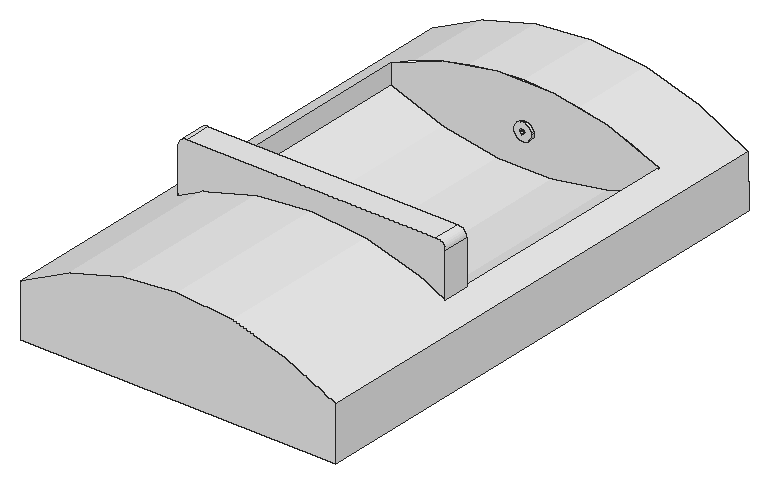
Revit family "Bottle_Filler-Murdock-H2O-To-Go-BF16S", category Plumbing Fixtures, host Face, Revit 2019
Family settings
  Host = Face
  Round Connector Dimension = Use Diameter
  Part Type = Normal
  OmniClass Number = 23.65.70.14.11
  OmniClass Title = Drinking Fountains/Coolers
  Cut with Voids When Loaded = Yes
  Shared = Yes
  Room Calculation Point = No
Parameters (values of type "BF16S")
  Width = 6 5/8"  # constant formula
  Waste Connection = no
  WFU = 2  # constant formula
  Vent Connection = no
  URL = "https://www.murdockmfg.com/home"
  Type Comments = "Sensor Operated Stainless Steel Bottle Filler"
  Product Page URL = "https://www.murdockmfg.com/wall-mount-sensor-bottle-non-refrigerated-standalone-bf16s"
  Product Documentation Link = "https://www.murdockmfg.com/uploads/fileLibrary/BF16S.pdf"
  Model = "BF16S"
  Material = "Stainless Steel-Murdock-Satin"
  Manufacturer = "Murdock Mfg."  # constant formula
  Length = 17 3/4"  # constant formula
  Keynote = ""
  Installation Type = "Wall Mounted"  # constant formula
  IAPMO Compliance = "IAPMO tested to NSF/ANSI 61, Section 9, Lead-Free Federal Law 111-380"  # constant formula
  Housing Material = Stainless Steel-Murdock-Satin
  Height = 29"  # constant formula
  HWFU = 1.5  # constant formula
  HW Connection = no
  Flow Rate = "1.2 GPM (4.54 l/min) at 70 PSI"  # constant formula
  Description = "Wall-Mounted, SpringH2O® Touchless All-Stainless Steel Water Bottle Filling Station - Non-Refrigerated, ADA, Standalone"  # constant formula
  Default Elevation = 0"
  Creation Date = "10/22/2024"  # constant formula
  Cold Water Connection Width = 2"
  Cold Water Connection Radius = Cold Water Connection Diameter / 2  # 3/16"
  Cold Water Connection Height = 19 3/8"
  Cold Water Connection Diameter = 3/8"  # constant formula
  CWFU = 1.5  # constant formula
  CW Connection = yes
  Assembly Code = "D2010820"
  ADA Compliant = yes
  A9100080-A 8 GPH Remote Water Chiller = no
  -WF3000 3000-Gallon PFAS Water Filter1 = no
  -WF1 1500-Gallon Capacity Water Filter1 = no
  -EG22 Enviro-Glaze® Matte Black Powder Coat = no
  -BCD Bottle Counter / Filter Status Display = no
  -AP Auto-Purge Function Controller1 = no
Types (4): name | Type Comments | Model | -BCD Bottle Counter / Filter Status Display
  (no name) | "Sensor Operated Stainless Steel Bottle Filler" | "BF16S" | no
  BF16S | "Sensor Operated Stainless Steel Bottle Filler" | "BF16S" | no
  BF16S-BCD | "Sensor Operated Stainless Steel Wall Mount Bottle Filler with Bottle Counter / Filter Status Display" | "BF16S-BCD" | yes
  BF16S-BAT | "Battery Sensor Operated Stainless Steel Wall Mount Bottle Filler (N/A with -BCD Bottle Counter Display)" | "BF16S-BAT" | no
Reference planes (in)
  plane 1 "Center (Front/Back)": y = 0
  plane 2: z = 0
  plane 3 "Center (Left/Right)": x = 0
  plane 4: x = -8.875
  plane 5: x = 8.875
  plane 6: y = 18.125
  plane 7: y = 13.5
  plane 8: z = 1
  plane 9: z = 2.625
  plane 10: y = -10.875
  plane 11 "floor lvl": y = -34.5
  plane 12: z = 6.625
  plane 13: z = -5.75
  plane 14: y = -5.5
  plane 15: y = -7.5
  plane 16: x = 3.5
  plane 17: x = 6.25
  plane 18: z = 5.5
Forms (in)
  Extrusion 1, solid, material "Stainless Steel-Murdock-Satin" <- "Housing Material"
    sketch origin (21.84744, 33.875, -2.03125) x (1, 0, 0) y (0, 0, -1)
      loop
        line (-30.72244, -2.03125) -> (-30.72244, -5.03125)
        arc (-30.72244, -5.03125) -> (-21.84744, -7.53125) -> (-12.97244, -5.03125) r 17.00313
        line (-12.97244, -5.03125) -> (-12.97244, -2.03125) -> (-30.72244, -2.03125)
    from -44.75 to -15.75
  Extrusion 2, solid, material "Stainless Steel-Murdock-Satin" <- "Housing Material"
    sketch origin (64.85245, 14.1875, -0.65625) x (1, 0, 0) y (0, 0, -1)
      loop
        circle (-64.85245, -3.625) r 0.5
      loop
        circle (-64.85245, -3.625) r 0.14544
    from -0.82582 to 1.125
  Extrusion 3, void
    sketch origin (64.85245, 14.375, -2.03125) x (-1, 0, 0) y (0, 0, -1)
      loop
        line (57.33923, -8.65625) -> (72.36567, -8.65625) -> (72.36567, -4.65625)
        arc (72.36567, -4.65625) -> (64.85245, -3.03128) -> (57.33923, -4.65625) r 18.18155
        line (57.33923, -4.65625) -> (57.33923, -8.65625)
    from 0.875 to 15.875
  Extrusion 4, solid, material "Murdock- Grey", visible <- "-BCD Bottle Counter / Filter Status Display"
    sketch origin (0, 0, 0) x (1, 0, 0) y (0, 1, 0)
      loop
        arc (-6.19688, 16.32268) -> (-6.33549, 16.26526) -> (-6.3929, 16.12666) r 0.19602
        line (-6.3929, 16.12666) -> (-6.3929, 15.88742)
        arc (-6.3929, 15.88742) -> (-6.3357, 15.74932) -> (-6.19759, 15.69211) r 0.19531
        line (-6.19759, 15.69211) -> (-4.58822, 15.69211)
        arc (-4.58822, 15.69211) -> (-4.45011, 15.74932) -> (-4.3929, 15.88742) r 0.19531
        line (-4.3929, 15.88742) -> (-4.3929, 16.12736)
        arc (-4.3929, 16.12736) -> (-4.45011, 16.26547) -> (-4.58822, 16.32268) r 0.19531
        line (-4.58822, 16.32268) -> (-6.19688, 16.32268)
    from 2.45946 to 5.23576
  Extrusion 5, void
    sketch origin (21.81619, -2.625, 0) x (1, 0, 0) y (0, 0, -1)
      loop
        line (-28.20909, -4.34481) -> (-28.20909, -5.65174) -> (-26.20909, -5.65174) -> (-26.20909, -5.00617)
        arc (-26.20909, -5.00617) -> (-27.21928, -4.70631) -> (-28.20909, -4.34481) r 17.10469
    from 18.31711 to 18.94768
  Extrusion 6, solid, material "Stainless Steel-Murdock-Satin" <- "Housing Material"
    sketch origin (21.81619, -2.625, 0) x (1, 0, 0) y (0, 0, -1)
      loop
        line (-29.3294, -2.625) -> (-29.3294, -6.125)
        arc (-29.3294, -6.125) -> (-29.18296, -6.47855) -> (-28.8294, -6.625) r 0.5
        line (-28.8294, -6.625) -> (-14.80297, -6.625)
        arc (-14.80297, -6.625) -> (-14.44942, -6.47855) -> (-14.30297, -6.125) r 0.5
        line (-14.30297, -6.125) -> (-14.30297, -2.625)
        arc (-14.30297, -2.625) -> (-21.81619, -1.00003) -> (-29.3294, -2.625) r 18.18155
      loop
        arc (-15.30297, -6.125) -> (-14.94942, -5.97855) -> (-14.80297, -5.625) r 0.5
        line (-14.80297, -5.625) -> (-14.80297, -2.86126) -> (-28.8294, -2.86126) -> (-28.8294, -5.625)
        arc (-28.8294, -5.625) -> (-28.68296, -5.97855) -> (-28.3294, -6.125) r 0.5
        line (-28.3294, -6.125) -> (-15.30297, -6.125)
      loop
        line (-14.90453, -5.625) -> (-14.90453, -2.96282) -> (-28.72784, -2.96282) -> (-28.72784, -5.625)
        arc (-28.72784, -5.625) -> (-28.61114, -5.90674) -> (-28.3294, -6.02344) r 0.39844
        line (-28.3294, -6.02344) -> (-15.30297, -6.02344)
        arc (-15.30297, -6.02344) -> (-15.02123, -5.90674) -> (-14.90453, -5.625) r 0.39844
      loop
        arc (-15.78348, -5.76324) -> (-15.60716, -4.63824) -> (-15.78348, -3.51324) r 3.67726
        arc (-15.78348, -3.51324) -> (-15.90879, -3.44888) -> (-15.97315, -3.57419) r 0.09961
        arc (-15.97315, -3.57419) -> (-15.80638, -4.63824) -> (-15.97315, -5.70229) r 3.47804
        arc (-15.97315, -5.70229) -> (-15.90879, -5.8276) -> (-15.78348, -5.76324) r 0.09961
      loop
        arc (-16.28348, -5.76324) -> (-16.10716, -4.63824) -> (-16.28348, -3.51324) r 3.67726
        arc (-16.28348, -3.51324) -> (-16.40879, -3.44888) -> (-16.47315, -3.57419) r 0.09961
        arc (-16.47315, -3.57419) -> (-16.30638, -4.63824) -> (-16.47315, -5.70229) r 3.47804
        arc (-16.47315, -5.70229) -> (-16.40879, -5.8276) -> (-16.28348, -5.76324) r 0.09961
      loop
        arc (-16.78348, -5.76324) -> (-16.60716, -4.63824) -> (-16.78348, -3.51324) r 3.67726
        arc (-16.78348, -3.51324) -> (-16.90879, -3.44888) -> (-16.97315, -3.57419) r 0.09961
        arc (-16.97315, -3.57419) -> (-16.80638, -4.63824) -> (-16.97315, -5.70229) r 3.47804
        arc (-16.97315, -5.70229) -> (-16.90879, -5.8276) -> (-16.78348, -5.76324) r 0.09961
      loop
        arc (-17.28348, -5.76324) -> (-17.10716, -4.63824) -> (-17.28348, -3.51324) r 3.67726
        arc (-17.28348, -3.51324) -> (-17.40879, -3.44888) -> (-17.47315, -3.57419) r 0.09961
        arc (-17.47315, -3.57419) -> (-17.30638, -4.63824) -> (-17.47315, -5.70229) r 3.47804
        arc (-17.47315, -5.70229) -> (-17.40879, -5.8276) -> (-17.28348, -5.76324) r 0.09961
      loop
        arc (-17.78348, -5.76324) -> (-17.60716, -4.63824) -> (-17.78348, -3.51324) r 3.67726
        arc (-17.78348, -3.51324) -> (-17.90879, -3.44888) -> (-17.97315, -3.57419) r 0.09961
        arc (-17.97315, -3.57419) -> (-17.80638, -4.63824) -> (-17.97315, -5.70229) r 3.47804
        arc (-17.97315, -5.70229) -> (-17.90879, -5.8276) -> (-17.78348, -5.76324) r 0.09961
      loop
        arc (-18.28348, -5.76324) -> (-18.10716, -4.63824) -> (-18.28348, -3.51324) r 3.67726
        arc (-18.28348, -3.51324) -> (-18.40879, -3.44888) -> (-18.47315, -3.57419) r 0.09961
        arc (-18.47315, -3.57419) -> (-18.30638, -4.63824) -> (-18.47315, -5.70229) r 3.47804
        arc (-18.47315, -5.70229) -> (-18.40879, -5.8276) -> (-18.28348, -5.76324) r 0.09961
      loop
        arc (-18.78348, -5.76324) -> (-18.60716, -4.63824) -> (-18.78348, -3.51324) r 3.67726
        arc (-18.78348, -3.51324) -> (-18.90879, -3.44888) -> (-18.97315, -3.57419) r 0.09961
        arc (-18.97315, -3.57419) -> (-18.80638, -4.63824) -> (-18.97315, -5.70229) r 3.47804
        arc (-18.97315, -5.70229) -> (-18.90879, -5.8276) -> (-18.78348, -5.76324) r 0.09961
      loop
        arc (-19.28348, -5.76324) -> (-19.10716, -4.63824) -> (-19.28348, -3.51324) r 3.67726
        arc (-19.28348, -3.51324) -> (-19.40879, -3.44888) -> (-19.47315, -3.57419) r 0.09961
        arc (-19.47315, -3.57419) -> (-19.30638, -4.63824) -> (-19.47315, -5.70229) r 3.47804
        arc (-19.47315, -5.70229) -> (-19.40879, -5.8276) -> (-19.28348, -5.76324) r 0.09961
      loop
        arc (-19.78348, -5.76324) -> (-19.60716, -4.63824) -> (-19.78348, -3.51324) r 3.67726
        arc (-19.78348, -3.51324) -> (-19.90879, -3.44888) -> (-19.97315, -3.57419) r 0.09961
        arc (-19.97315, -3.57419) -> (-19.80638, -4.63824) -> (-19.97315, -5.70229) r 3.47804
        arc (-19.97315, -5.70229) -> (-19.90879, -5.8276) -> (-19.78348, -5.76324) r 0.09961
      loop
        arc (-27.84889, -5.76324) -> (-27.72359, -5.8276) -> (-27.65923, -5.70229) r 0.09961
        arc (-27.65923, -5.70229) -> (-27.82599, -4.63824) -> (-27.65923, -3.57419) r 3.47804
        arc (-27.65923, -3.57419) -> (-27.72359, -3.44888) -> (-27.84889, -3.51324) r 0.09961
        arc (-27.84889, -3.51324) -> (-28.02521, -4.63824) -> (-27.84889, -5.76324) r 3.67726
      loop
        arc (-27.34889, -5.76324) -> (-27.22359, -5.8276) -> (-27.15923, -5.70229) r 0.09961
        arc (-27.15923, -5.70229) -> (-27.32599, -4.63824) -> (-27.15923, -3.57419) r 3.47804
        arc (-27.15923, -3.57419) -> (-27.22359, -3.44888) -> (-27.34889, -3.51324) r 0.09961
        arc (-27.34889, -3.51324) -> (-27.52521, -4.63824) -> (-27.34889, -5.76324) r 3.67726
      loop
        arc (-26.84889, -5.76324) -> (-26.72359, -5.8276) -> (-26.65923, -5.70229) r 0.09961
        arc (-26.65923, -5.70229) -> (-26.82599, -4.63824) -> (-26.65923, -3.57419) r 3.47804
        arc (-26.65923, -3.57419) -> (-26.72359, -3.44888) -> (-26.84889, -3.51324) r 0.09961
        arc (-26.84889, -3.51324) -> (-27.02521, -4.63824) -> (-26.84889, -5.76324) r 3.67726
      loop
        arc (-26.34889, -5.76324) -> (-26.22359, -5.8276) -> (-26.15923, -5.70229) r 0.09961
        arc (-26.15923, -5.70229) -> (-26.32599, -4.63824) -> (-26.15923, -3.57419) r 3.47804
        arc (-26.15923, -3.57419) -> (-26.22359, -3.44888) -> (-26.34889, -3.51324) r 0.09961
        arc (-26.34889, -3.51324) -> (-26.52521, -4.63824) -> (-26.34889, -5.76324) r 3.67726
      loop
        arc (-25.84889, -5.76324) -> (-25.72359, -5.8276) -> (-25.65923, -5.70229) r 0.09961
        arc (-25.65923, -5.70229) -> (-25.82599, -4.63824) -> (-25.65923, -3.57419) r 3.47804
        arc (-25.65923, -3.57419) -> (-25.72359, -3.44888) -> (-25.84889, -3.51324) r 0.09961
        arc (-25.84889, -3.51324) -> (-26.02521, -4.63824) -> (-25.84889, -5.76324) r 3.67726
      loop
        arc (-25.34889, -5.76324) -> (-25.22359, -5.8276) -> (-25.15923, -5.70229) r 0.09961
        arc (-25.15923, -5.70229) -> (-25.32599, -4.63824) -> (-25.15923, -3.57419) r 3.47804
        arc (-25.15923, -3.57419) -> (-25.22359, -3.44888) -> (-25.34889, -3.51324) r 0.09961
        arc (-25.34889, -3.51324) -> (-25.52521, -4.63824) -> (-25.34889, -5.76324) r 3.67726
      loop
        arc (-24.84889, -5.76324) -> (-24.72359, -5.8276) -> (-24.65923, -5.70229) r 0.09961
        arc (-24.65923, -5.70229) -> (-24.82599, -4.63824) -> (-24.65923, -3.57419) r 3.47804
        arc (-24.65923, -3.57419) -> (-24.72359, -3.44888) -> (-24.84889, -3.51324) r 0.09961
        arc (-24.84889, -3.51324) -> (-25.02521, -4.63824) -> (-24.84889, -5.76324) r 3.67726
      loop
        arc (-24.34889, -5.76324) -> (-24.22359, -5.8276) -> (-24.15923, -5.70229) r 0.09961
        arc (-24.15923, -5.70229) -> (-24.32599, -4.63824) -> (-24.15923, -3.57419) r 3.47804
        arc (-24.15923, -3.57419) -> (-24.22359, -3.44888) -> (-24.34889, -3.51324) r 0.09961
        arc (-24.34889, -3.51324) -> (-24.52521, -4.63824) -> (-24.34889, -5.76324) r 3.67726
      loop
        arc (-23.84889, -5.76324) -> (-23.72359, -5.8276) -> (-23.65923, -5.70229) r 0.09961
        arc (-23.65923, -5.70229) -> (-23.82599, -4.63824) -> (-23.65923, -3.57419) r 3.47804
        arc (-23.65923, -3.57419) -> (-23.72359, -3.44888) -> (-23.84889, -3.51324) r 0.09961
        arc (-23.84889, -3.51324) -> (-24.02521, -4.63824) -> (-23.84889, -5.76324) r 3.67726
      loop
        arc (-20.28348, -5.76324) -> (-20.10716, -4.63824) -> (-20.28348, -3.51324) r 3.67726
        arc (-20.28348, -3.51324) -> (-20.40879, -3.44888) -> (-20.47315, -3.57419) r 0.09961
        arc (-20.47315, -3.57419) -> (-20.30638, -4.63824) -> (-20.47315, -5.70229) r 3.47804
        arc (-20.47315, -5.70229) -> (-20.40879, -5.8276) -> (-20.28348, -5.76324) r 0.09961
      loop
        arc (-20.78348, -5.76324) -> (-20.60716, -4.63824) -> (-20.78348, -3.51324) r 3.67726
        arc (-20.78348, -3.51324) -> (-20.90879, -3.44888) -> (-20.97315, -3.57419) r 0.09961
        arc (-20.97315, -3.57419) -> (-20.80638, -4.63824) -> (-20.97315, -5.70229) r 3.47804
        arc (-20.97315, -5.70229) -> (-20.90879, -5.8276) -> (-20.78348, -5.76324) r 0.09961
      loop
        arc (-21.28348, -5.76324) -> (-21.10716, -4.63824) -> (-21.28348, -3.51324) r 3.67726
        arc (-21.28348, -3.51324) -> (-21.40879, -3.44888) -> (-21.47315, -3.57419) r 0.09961
        arc (-21.47315, -3.57419) -> (-21.30638, -4.63824) -> (-21.47315, -5.70229) r 3.47804
        arc (-21.47315, -5.70229) -> (-21.40879, -5.8276) -> (-21.28348, -5.76324) r 0.09961
      loop
        arc (-23.34889, -5.76324) -> (-23.22359, -5.8276) -> (-23.15923, -5.70229) r 0.09961
        arc (-23.15923, -5.70229) -> (-23.32599, -4.63824) -> (-23.15923, -3.57419) r 3.47804
        arc (-23.15923, -3.57419) -> (-23.22359, -3.44888) -> (-23.34889, -3.51324) r 0.09961
        arc (-23.34889, -3.51324) -> (-23.52521, -4.63824) -> (-23.34889, -5.76324) r 3.67726
      loop
        arc (-22.84889, -5.76324) -> (-22.72359, -5.8276) -> (-22.65923, -5.70229) r 0.09961
        arc (-22.65923, -5.70229) -> (-22.82599, -4.63824) -> (-22.65923, -3.57419) r 3.47804
        arc (-22.65923, -3.57419) -> (-22.72359, -3.44888) -> (-22.84889, -3.51324) r 0.09961
        arc (-22.84889, -3.51324) -> (-23.02521, -4.63824) -> (-22.84889, -5.76324) r 3.67726
      loop
        arc (-22.34889, -5.76324) -> (-22.22359, -5.8276) -> (-22.15923, -5.70229) r 0.09961
        arc (-22.15923, -5.70229) -> (-22.32599, -4.63824) -> (-22.15923, -3.57419) r 3.47804
        arc (-22.15923, -3.57419) -> (-22.22359, -3.44888) -> (-22.34889, -3.51324) r 0.09961
        arc (-22.34889, -3.51324) -> (-22.52521, -4.63824) -> (-22.34889, -5.76324) r 3.67726
      loop
        arc (-21.69361, -3.58963) -> (-21.81861, -3.46463) -> (-21.94361, -3.58963) r 0.125
        line (-21.94361, -3.58963) -> (-21.94361, -5.58963)
        arc (-21.94361, -5.58963) -> (-21.81861, -5.71463) -> (-21.69361, -5.58963) r 0.125
        line (-21.69361, -5.58963) -> (-21.69361, -3.58963)
    from 1.125 to 2.625
  Extrusion 7, solid, material "Stainless Steel-Murdock-Satin" <- "Housing Material"
    sketch origin (21.81619, -2.625, 0) x (1, 0, 0) y (0, 0, -1)
      loop
        line (-14.30297, -6.125) -> (-14.30297, -2.625)
        arc (-14.30297, -2.625) -> (-21.81619, -1.00003) -> (-29.3294, -2.625) r 18.18155
        line (-29.3294, -2.625) -> (-29.3294, -6.125)
        arc (-29.3294, -6.125) -> (-29.18296, -6.47855) -> (-28.8294, -6.625) r 0.5
        line (-28.8294, -6.625) -> (-14.80297, -6.625)
        arc (-14.80297, -6.625) -> (-14.44942, -6.47855) -> (-14.30297, -6.125) r 0.5
    from 1.125 to 1.625
  Extrusion 8, solid, material "Murdock- Grey"
    sketch origin (64.85245, 0.1875, -0.40625) x (1, 0, 0) y (0, 0, -1)
      loop
        circle (-64.85245, -5) r 0.75
      loop
        circle (-64.85245, -5) r 0.5
    from -0.82582 to -0.05375
  Extrusion 9, void
    sketch origin (0, 0, 0) x (1, 0, 0) y (0, 1, 0)
      loop
        circle (3.5, -5.5) r 0.75
      loop
        circle (6.25, -7.5) r 0.1875
    from 0 to -0.1366
Cuts and joins
  Extrusion 3, Extrusion 9 cuts Extrusion 1
  Extrusion 5 cuts Extrusion 4
  joined: Extrusion 6, Extrusion 7
Lines and regions (in)
  Masking region 1
    outline origin (21.81619, -2.625, 0) x (1, 0, 0) y (0, 0, -1)
      loop
        line (-12.83962, -2.93181) -> (-12.83962, 0) -> (-30.79275, 0) -> (-30.79275, -2.93181)
        arc (-30.79275, -2.93181) -> (-30.07093, -3.35285) -> (-29.3294, -3.73813) r 17.10469
        line (-29.3294, -3.73813) -> (-29.3294, -6.125)
        arc (-29.3294, -6.125) -> (-29.18296, -6.47855) -> (-28.8294, -6.625) r 0.5
        line (-28.8294, -6.625) -> (-14.80297, -6.625)
        arc (-14.80297, -6.625) -> (-14.44942, -6.47855) -> (-14.30297, -6.125) r 0.5
        line (-14.30297, -6.125) -> (-14.30297, -3.73813)
        arc (-14.30297, -3.73813) -> (-13.56145, -3.35285) -> (-12.83962, -2.93181) r 17.10469
  symbolic lines, detail levels medium+fine
    curve 1: line (8.875, -2.625, 3) -> (8.875, -2.625, 0)
    curve 2: line (-8.875, -2.625, 0) -> (-8.875, -2.625, 3)
    curve 3: line (7.01322, -2.625, 3.98626) -> (7.01322, -2.625, 5.625)
    curve 4: arc (7.01322, -2.625, 5.625) -> (6.86677, -2.625, 5.97855) -> (6.51322, -2.625, 6.125) r 0.5
    curve 5: line (6.51322, -2.625, 6.125) -> (-6.51322, -2.625, 6.125)
    curve 6: arc (-6.51322, -2.625, 6.125) -> (-6.86677, -2.625, 5.97855) -> (-7.01322, -2.625, 5.625) r 0.5
    curve 7: line (-7.01322, -2.625, 5.625) -> (-7.01322, -2.625, 3.98626)
    curve 8: line (6.91166, -2.625, 5.625) -> (6.91166, -2.625, 4.03184)
    curve 9: line (-6.91166, -2.625, 4.03184) -> (-6.91166, -2.625, 5.625)
    curve 10: arc (-6.91166, -2.625, 5.625) -> (-6.79496, -2.625, 5.90674) -> (-6.51322, -2.625, 6.02344) r 0.39844
    curve 11: line (-6.51322, -2.625, 6.02344) -> (6.51322, -2.625, 6.02344)
    curve 12: arc (6.51322, -2.625, 6.02344) -> (6.79496, -2.625, 5.90674) -> (6.91166, -2.625, 5.625) r 0.39844
    curve 52: arc (-8.875, -2.625, 3) -> (0, -2.625, 5.5) -> (8.875, -2.625, 3) r 17.00313
  symbolic lines, detail levels fine
    curve 13: line (0.12257, -2.625, 5.49956) -> (0.12257, -2.625, 5.58963)
    curve 14: arc (0.12257, -2.625, 5.58963) -> (-0.00243, -2.625, 5.71463) -> (-0.12743, -2.625, 5.58963) r 0.125
    curve 15: line (-0.12743, -2.625, 5.58963) -> (-0.12743, -2.625, 5.49952)
    curve 16: arc (-6.19615, -2.625, 4.33083) -> (-6.18532, -2.625, 5.05512) -> (-6.03271, -2.625, 5.76324) r 3.67726
    curve 17: arc (-6.03271, -2.625, 5.76324) -> (-5.9074, -2.625, 5.8276) -> (-5.84304, -2.625, 5.70229) r 0.09961
    curve 18: arc (-5.84304, -2.625, 5.70229) -> (-5.98397, -2.625, 5.06139) -> (-6.002, -2.625, 4.40543) r 3.47804
    curve 19: arc (-5.70691, -2.625, 4.51366) -> (-5.6738, -2.625, 5.14598) -> (-5.53271, -2.625, 5.76324) r 3.67726
    curve 20: arc (-5.53271, -2.625, 5.76324) -> (-5.4074, -2.625, 5.8276) -> (-5.34304, -2.625, 5.70229) r 0.09961
    curve 21: arc (-5.34304, -2.625, 5.70229) -> (-5.47205, -2.625, 5.1493) -> (-5.50936, -2.625, 4.58268) r 3.47804
    curve 22: arc (-5.20876, -2.625, 4.68252) -> (-5.16118, -2.625, 5.22947) -> (-5.03271, -2.625, 5.76324) r 3.67726
    curve 23: arc (-5.03271, -2.625, 5.76324) -> (-4.9074, -2.625, 5.8276) -> (-4.84304, -2.625, 5.70229) r 0.09961
    curve 24: arc (-4.84304, -2.625, 5.70229) -> (-4.95913, -2.625, 5.22979) -> (-5.00814, -2.625, 4.74571) r 3.47804
    curve 25: arc (-4.70368, -2.625, 4.83645) -> (-4.64801, -2.625, 5.30534) -> (-4.53271, -2.625, 5.76324) r 3.67726
    curve 26: arc (-4.53271, -2.625, 5.76324) -> (-4.4074, -2.625, 5.8276) -> (-4.34304, -2.625, 5.70229) r 0.09961
    curve 27: arc (-4.34304, -2.625, 5.70229) -> (-4.44576, -2.625, 5.30262) -> (-4.50042, -2.625, 4.8936) r 3.47804
    curve 28: arc (-4.19359, -2.625, 4.97474) -> (-4.13479, -2.625, 5.3734) -> (-4.03271, -2.625, 5.76324) r 3.67726
    curve 29: arc (-4.03271, -2.625, 5.76324) -> (-3.9074, -2.625, 5.8276) -> (-3.84304, -2.625, 5.70229) r 0.09961
    curve 30: arc (-3.84304, -2.625, 5.70229) -> (-3.93247, -2.625, 5.3676) -> (-3.98816, -2.625, 5.02566) r 3.47804
    curve 31: arc (-3.6803, -2.625, 5.09692) -> (-3.622, -2.625, 5.43351) -> (-3.53271, -2.625, 5.76324) r 3.67726
    curve 32: arc (-3.53271, -2.625, 5.76324) -> (-3.4074, -2.625, 5.8276) -> (-3.34304, -2.625, 5.70229) r 0.09961
    curve 33: arc (-3.34304, -2.625, 5.70229) -> (-3.41975, -2.625, 5.42459) -> (-3.4732, -2.625, 5.14149) r 3.47804
    curve 34: arc (-3.16543, -2.625, 5.20275) -> (-3.11006, -2.625, 5.4856) -> (-3.03271, -2.625, 5.76324) r 3.67726
    curve 35: arc (-3.03271, -2.625, 5.76324) -> (-2.9074, -2.625, 5.8276) -> (-2.84304, -2.625, 5.70229) r 0.09961
    curve 36: arc (-2.84304, -2.625, 5.70229) -> (-2.90801, -2.625, 5.47353) -> (-2.9572, -2.625, 5.24087) r 3.47804
    curve 37: arc (-2.65041, -2.625, 5.29216) -> (-2.59934, -2.625, 5.52964) -> (-2.53271, -2.625, 5.76324) r 3.67726
    curve 38: arc (-2.53271, -2.625, 5.76324) -> (-2.4074, -2.625, 5.8276) -> (-2.34304, -2.625, 5.70229) r 0.09961
    curve 39: arc (-2.34304, -2.625, 5.70229) -> (-2.39763, -2.625, 5.51443) -> (-2.44157, -2.625, 5.32379) r 3.47804
    curve 40: arc (-2.13644, -2.625, 5.36524) -> (-2.09014, -2.625, 5.56569) -> (-2.03271, -2.625, 5.76324) r 3.67726
    curve 41: arc (-2.03271, -2.625, 5.76324) -> (-1.9074, -2.625, 5.8276) -> (-1.84304, -2.625, 5.70229) r 0.09961
    curve 42: arc (-1.84304, -2.625, 5.70229) -> (-1.88889, -2.625, 5.54732) -> (-1.9275, -2.625, 5.39039) r 3.47804
    curve 43: arc (-1.62448, -2.625, 5.42222) -> (-1.58269, -2.625, 5.59383) -> (-1.53271, -2.625, 5.76324) r 3.67726
    curve 44: arc (-1.53271, -2.625, 5.76324) -> (-1.4074, -2.625, 5.8276) -> (-1.34304, -2.625, 5.70229) r 0.09961
    curve 45: arc (-1.34304, -2.625, 5.70229) -> (-1.38202, -2.625, 5.57233) -> (-1.41591, -2.625, 5.44094) r 3.47804
    curve 46: arc (-1.11525, -2.625, 5.46339) -> (-1.07715, -2.625, 5.61419) -> (-1.03271, -2.625, 5.76324) r 3.67726
    curve 47: arc (-1.03271, -2.625, 5.76324) -> (-0.9074, -2.625, 5.8276) -> (-0.84304, -2.625, 5.70229) r 0.09961
    curve 48: arc (-0.84304, -2.625, 5.70229) -> (-0.87717, -2.625, 5.58958) -> (-0.90746, -2.625, 5.47577) r 3.47804
    curve 49: arc (-0.60924, -2.625, 5.48908) -> (-0.57363, -2.625, 5.6269) -> (-0.53271, -2.625, 5.76324) r 3.67726
    curve 50: arc (-0.53271, -2.625, 5.76324) -> (-0.4074, -2.625, 5.8276) -> (-0.34304, -2.625, 5.70229) r 0.09961
    curve 51: arc (-0.34304, -2.625, 5.70229) -> (-0.37441, -2.625, 5.59922) -> (-0.40257, -2.625, 5.49523) r 3.47804
    curve 53: arc (6.19615, -2.625, 4.33083) -> (6.18532, -2.625, 5.05512) -> (6.03271, -2.625, 5.76324) r 3.67726
    curve 54: arc (6.03271, -2.625, 5.76324) -> (5.9074, -2.625, 5.8276) -> (5.84304, -2.625, 5.70229) r 0.09961
    curve 55: arc (5.84304, -2.625, 5.70229) -> (5.98397, -2.625, 5.06139) -> (6.002, -2.625, 4.40543) r 3.47804
    curve 56: arc (5.70691, -2.625, 4.51366) -> (5.6738, -2.625, 5.14598) -> (5.53271, -2.625, 5.76324) r 3.67726
    curve 57: arc (5.53271, -2.625, 5.76324) -> (5.4074, -2.625, 5.8276) -> (5.34304, -2.625, 5.70229) r 0.09961
    curve 58: arc (5.34304, -2.625, 5.70229) -> (5.47205, -2.625, 5.1493) -> (5.50936, -2.625, 4.58268) r 3.47804
    curve 59: arc (5.20876, -2.625, 4.68252) -> (5.16118, -2.625, 5.22947) -> (5.03271, -2.625, 5.76324) r 3.67726
    curve 60: arc (5.03271, -2.625, 5.76324) -> (4.9074, -2.625, 5.8276) -> (4.84304, -2.625, 5.70229) r 0.09961
    curve 61: arc (4.84304, -2.625, 5.70229) -> (4.95913, -2.625, 5.22979) -> (5.00814, -2.625, 4.74571) r 3.47804
    curve 62: arc (4.70368, -2.625, 4.83645) -> (4.64801, -2.625, 5.30534) -> (4.53271, -2.625, 5.76324) r 3.67726
    curve 63: arc (4.53271, -2.625, 5.76324) -> (4.4074, -2.625, 5.8276) -> (4.34304, -2.625, 5.70229) r 0.09961
    curve 64: arc (4.34304, -2.625, 5.70229) -> (4.44576, -2.625, 5.30262) -> (4.50042, -2.625, 4.8936) r 3.47804
    curve 65: arc (4.19359, -2.625, 4.97474) -> (4.13479, -2.625, 5.3734) -> (4.03271, -2.625, 5.76324) r 3.67726
    curve 66: arc (4.03271, -2.625, 5.76324) -> (3.9074, -2.625, 5.8276) -> (3.84304, -2.625, 5.70229) r 0.09961
    curve 67: arc (3.84304, -2.625, 5.70229) -> (3.93247, -2.625, 5.3676) -> (3.98816, -2.625, 5.02566) r 3.47804
    curve 68: arc (3.6803, -2.625, 5.09692) -> (3.622, -2.625, 5.43351) -> (3.53271, -2.625, 5.76324) r 3.67726
    curve 69: arc (3.53271, -2.625, 5.76324) -> (3.4074, -2.625, 5.8276) -> (3.34304, -2.625, 5.70229) r 0.09961
    curve 70: arc (3.34304, -2.625, 5.70229) -> (3.41975, -2.625, 5.42459) -> (3.4732, -2.625, 5.14149) r 3.47804
    curve 71: arc (3.16543, -2.625, 5.20275) -> (3.11006, -2.625, 5.4856) -> (3.03271, -2.625, 5.76324) r 3.67726
    curve 72: arc (3.03271, -2.625, 5.76324) -> (2.9074, -2.625, 5.8276) -> (2.84304, -2.625, 5.70229) r 0.09961
    curve 73: arc (2.84304, -2.625, 5.70229) -> (2.90801, -2.625, 5.47353) -> (2.9572, -2.625, 5.24087) r 3.47804
    curve 74: arc (2.65041, -2.625, 5.29216) -> (2.59934, -2.625, 5.52964) -> (2.53271, -2.625, 5.76324) r 3.67726
    curve 75: arc (2.53271, -2.625, 5.76324) -> (2.4074, -2.625, 5.8276) -> (2.34304, -2.625, 5.70229) r 0.09961
    curve 76: arc (2.34304, -2.625, 5.70229) -> (2.39763, -2.625, 5.51443) -> (2.44157, -2.625, 5.32379) r 3.47804
    curve 77: arc (2.13644, -2.625, 5.36524) -> (2.09014, -2.625, 5.56569) -> (2.03271, -2.625, 5.76324) r 3.67726
    curve 78: arc (2.03271, -2.625, 5.76324) -> (1.9074, -2.625, 5.8276) -> (1.84304, -2.625, 5.70229) r 0.09961
    curve 79: arc (1.84304, -2.625, 5.70229) -> (1.88889, -2.625, 5.54732) -> (1.9275, -2.625, 5.39039) r 3.47804
    curve 80: arc (1.62448, -2.625, 5.42222) -> (1.58269, -2.625, 5.59383) -> (1.53271, -2.625, 5.76324) r 3.67726
    curve 81: arc (1.53271, -2.625, 5.76324) -> (1.4074, -2.625, 5.8276) -> (1.34304, -2.625, 5.70229) r 0.09961
    curve 82: arc (1.34304, -2.625, 5.70229) -> (1.38202, -2.625, 5.57233) -> (1.41591, -2.625, 5.44094) r 3.47804
    curve 83: arc (1.11525, -2.625, 5.46339) -> (1.07715, -2.625, 5.61419) -> (1.03271, -2.625, 5.76324) r 3.67726
    curve 84: arc (1.03271, -2.625, 5.76324) -> (0.9074, -2.625, 5.8276) -> (0.84304, -2.625, 5.70229) r 0.09961
    curve 85: arc (0.84304, -2.625, 5.70229) -> (0.87717, -2.625, 5.58958) -> (0.90746, -2.625, 5.47577) r 3.47804
    curve 86: arc (0.60924, -2.625, 5.48908) -> (0.57363, -2.625, 5.6269) -> (0.53271, -2.625, 5.76324) r 3.67726
    curve 87: arc (0.53271, -2.625, 5.76324) -> (0.4074, -2.625, 5.8276) -> (0.34304, -2.625, 5.70229) r 0.09961
    curve 88: arc (0.34304, -2.625, 5.70229) -> (0.37441, -2.625, 5.59922) -> (0.40257, -2.625, 5.49523) r 3.47804
Dimensions and locks (in)
  "Length": plane 4 to plane 5
  plane 1 "Center (Front/Back)" to plane 7 = 13 1/2"  (x2)
  host face to plane 9 = 2 5/8"
  host face to plane 8 = 1"
  plane 6 to plane 10 = 29"
  plane 10 to plane 1 "Center (Front/Back)" = 10 7/8"
  plane 7 to plane 1 "Center (Front/Back)" = 13 1/2"
  plane 11 "floor lvl" to plane 1 "Center (Front/Back)" = 34 1/2"
  host face to plane 12 = 6 5/8"
  plane 13 to host face = 5 3/4"
  plane 14 to plane 11 "floor lvl" = 29"
  plane 15 to plane 11 "floor lvl" = 27"
  plane 3 "Center (Left/Right)" to plane 16 = 3 1/2"
  plane 3 "Center (Left/Right)" to plane 17 = 6 1/4"
  host face to plane 18 = 5 1/2"
  aligned and locked: plane 2 to host face
  aligned and locked: level to host face
  aligned and locked: Extrusion 1 to host face
  aligned and locked: plane 6 to Extrusion 1
  aligned and locked: plane 7 to Extrusion 3
  aligned and locked: Extrusion 1 to plane 10
  aligned and locked: plane 16 to Extrusion 9 sketch curve
  aligned and locked: plane 14 to Extrusion 9 sketch curve
  aligned and locked: plane 17 to Extrusion 9 sketch curve
  aligned and locked: plane 15 to Extrusion 9 sketch curve
Automatic sketch dimensions
  host sketch curve to host sketch curve = 96"  (x2)
  Extrusion 1 sketch curve to level = 0"
  Extrusion 1 sketch curve to plane 4 = 0"
  Extrusion 1 sketch curve to plane 3 "Center (Left/Right)" = 0"
  plane 5 to Extrusion 1 sketch curve = 0"
  plane 9 to Extrusion 1 sketch curve = 3/8"
  Extrusion 1 sketch curve to plane 13 = 5.75313"
  Extrusion 2 sketch curve to Extrusion 2 sketch curve = 0"  (x2)
  Extrusion 2 sketch curve to plane 3 "Center (Left/Right)" = 0"
  plane 9 to Extrusion 2 sketch curve = 11/32"
  Extrusion 3 sketch curve to plane 9 = 0"  (x2)
  Extrusion 3 sketch curve to plane 3 "Center (Left/Right)" = 0"
  plane 5 to Extrusion 3 sketch curve = 1.36178"
  plane 12 to Extrusion 3 sketch curve = 12.55658"
  Masking region 1 sketch curve to Masking region 1 sketch curve = 0"  (x2)
  Masking region 1 sketch curve to level = 0"
  Masking region 1 sketch curve to plane 12 = 0"
  Masking region 1 sketch curve to plane 3 "Center (Left/Right)" = 0"
  Masking region 1 sketch curve to plane 12 = 1/2"  (x2)
  plane 4 to Masking region 1 sketch curve = 1.86178"
  Masking region 1 sketch curve to plane 4 = 13/128"
  plane 5 to Masking region 1 sketch curve = 1.86178"
  Masking region 1 sketch curve to plane 5 = 13/128"
  plane 9 to Masking region 1 sketch curve = 1.11313"  (x2)
  Masking region 1 sketch curve to Masking region 1 sketch curve = 0.80633"
  plane 4 to Extrusion 4 sketch curve = 2.4821"
  Extrusion 4 sketch curve to Extrusion 4 sketch curve = 0.19602"
  Extrusion 4 sketch curve to Extrusion 4 sketch curve = 1 39/64"
  Extrusion 4 sketch curve to Extrusion 4 sketch curve = 25/128"  (x2)
  Extrusion 4 sketch curve to Extrusion 4 sketch curve = 0.23923"
  Extrusion 5 sketch curve to plane 3 "Center (Left/Right)" = 0.03285"
  Extrusion 5 sketch curve to plane 3 "Center (Left/Right)" = 4.3929"
  plane 9 to Extrusion 5 sketch curve = 1.71981"
  Extrusion 5 sketch curve to Extrusion 5 sketch curve = 2"
  Extrusion 5 sketch curve to Extrusion 5 sketch curve = 0.64557"
  Extrusion 6 sketch curve to Extrusion 6 sketch curve = 0"  (x187)
  Extrusion 6 sketch curve to plane 9 = 0"  (x2)
  Extrusion 6 sketch curve to plane 12 = 0"
  Extrusion 6 sketch curve to plane 3 "Center (Left/Right)" = 0"
  Extrusion 6 sketch curve to plane 3 "Center (Left/Right)" = 0.00243"
  Extrusion 6 sketch curve to plane 3 "Center (Left/Right)" = 0.03177"
  Extrusion 6 sketch curve to Extrusion 6 sketch curve = 1/8"
  Extrusion 6 sketch curve to Extrusion 6 sketch curve = 0.31045"  (x2)
  Extrusion 6 sketch curve to Extrusion 6 sketch curve = 0.43647"  (x12)
  Extrusion 6 sketch curve to Extrusion 6 sketch curve = 0.06353"  (x10)
  Extrusion 6 sketch curve to Extrusion 6 sketch curve = 1/2"  (x46)
  Extrusion 6 sketch curve to Extrusion 6 sketch curve = 0.57534"  (x2)
  Extrusion 6 sketch curve to Extrusion 6 sketch curve = 51/128"
  Extrusion 6 sketch curve to Extrusion 6 sketch curve = 13/128"  (x2)
  Extrusion 6 sketch curve to plane 12 = 1/2"  (x2)
  plane 3 "Center (Left/Right)" to Extrusion 6 sketch curve = 0.03177"
  Extrusion 6 sketch curve to Extrusion 6 sketch curve = 0.3153"  (x2)
  plane 9 to Extrusion 6 sketch curve = 0.33782"
  Extrusion 6 sketch curve to Extrusion 6 sketch curve = 77/128"
  plane 12 to Extrusion 6 sketch curve = 12.55658"
  Extrusion 6 sketch curve to plane 12 = 0.89223"  (x4)
  Extrusion 6 sketch curve to Extrusion 6 sketch curve = 0.10777"
  Extrusion 6 sketch curve to Extrusion 6 sketch curve = 0.14314"
  Extrusion 6 sketch curve to Extrusion 6 sketch curve = 0.04592"  (x2)
  Extrusion 6 sketch curve to Extrusion 6 sketch curve = 0.09483"  (x38)
  Extrusion 7 sketch curve to plane 9 = 0"  (x2)
  Extrusion 7 sketch curve to plane 12 = 0"
  Extrusion 7 sketch curve to plane 3 "Center (Left/Right)" = 0"
  plane 4 to Extrusion 7 sketch curve = 1.86178"
  plane 4 to Extrusion 7 sketch curve = 1.36178"
  Extrusion 7 sketch curve to Extrusion 7 sketch curve = 1/2"
  plane 12 to Extrusion 7 sketch curve = 12.55658"
  Extrusion 8 sketch curve to Extrusion 8 sketch curve = 0"  (x3)
  Extrusion 8 sketch curve to plane 3 "Center (Left/Right)" = 0"
  Extrusion 4 sketch curve to Extrusion 4 sketch curve = 0"
  plane 7 to Extrusion 4 sketch curve = 2.19211"
  Extrusion 3 sketch curve to Extrusion 3 sketch curve = 4"
  Extrusion 5 sketch curve to Extrusion 5 sketch curve = 0.66137"
  Extrusion 6 sketch curve to Extrusion 6 sketch curve = 1.09453"  (x2)
  Extrusion 6 sketch curve to Extrusion 6 sketch curve = 1.06405"
  Extrusion 6 sketch curve to Extrusion 6 sketch curve = 0.95139"
  plane 9 to Extrusion 6 sketch curve = 0.96463"
  plane 9 to Extrusion 6 sketch curve = 0.91871"  (x4)
  Extrusion 6 sketch curve to Extrusion 6 sketch curve = 0.03047"  (x4)
  plane 9 to Extrusion 8 sketch curve = 1 31/32"
  curve 4 to curve 12 = 0"  (x2)
  curve 6 to curve 10 = 0"  (x2)
  curve 16 to curve 18 = 0"  (x2)
  curve 19 to curve 21 = 0"  (x2)
  curve 22 to curve 24 = 0"  (x2)
  curve 25 to curve 27 = 0"  (x2)
  curve 28 to curve 30 = 0"  (x2)
  curve 31 to curve 33 = 0"  (x2)
  curve 34 to curve 36 = 0"  (x2)
  curve 37 to curve 39 = 0"  (x2)
  curve 40 to curve 42 = 0"  (x2)
  curve 43 to curve 45 = 0"  (x2)
  curve 46 to curve 48 = 0"  (x2)
  curve 49 to curve 51 = 0"  (x2)
  curve 53 to curve 55 = 0"  (x2)
  curve 56 to curve 58 = 0"  (x2)
  curve 59 to curve 61 = 0"  (x2)
  curve 62 to curve 64 = 0"  (x2)
  curve 65 to curve 67 = 0"  (x2)
  curve 68 to curve 70 = 0"  (x2)
  curve 71 to curve 73 = 0"  (x2)
  curve 74 to curve 76 = 0"  (x2)
  curve 77 to curve 79 = 0"  (x2)
  curve 80 to curve 82 = 0"  (x2)
  curve 83 to curve 85 = 0"  (x2)
  curve 86 to curve 88 = 0"  (x2)
  curve 2 to plane 4 = 0"
  curve 52 to plane 3 "Center (Left/Right)" = 0"
  plane 5 to curve 52 = 0"
  curve 1 to level = 0"
  curve 2 to level = 0"
  plane 18 to curve 7 = 1/8"
  plane 4 to curve 7 = 1.86178"
  curve 7 to curve 9 = 13/128"
  curve 5 to plane 12 = 1/2"
  plane 18 to curve 17 = 0.23277"
  curve 6 to curve 17 = 0.57534"
  plane 18 to curve 20 = 0.23277"
  curve 17 to curve 20 = 1/2"
  plane 18 to curve 23 = 0.23277"
  curve 20 to curve 23 = 1/2"
  plane 18 to curve 26 = 0.23277"
  curve 23 to curve 26 = 1/2"
  plane 18 to curve 29 = 0.23277"
  curve 26 to curve 29 = 1/2"
  plane 18 to curve 32 = 0.23277"
  curve 29 to curve 32 = 1/2"
  curve 32 to curve 86 = 0.46964"
  plane 18 to curve 35 = 0.23277"
  curve 32 to curve 35 = 1/2"
  curve 86 to curve 18 = 0.43647"
  curve 16 to curve 83 = 0.06353"
  plane 18 to curve 38 = 0.23277"
  curve 35 to curve 38 = 1/2"
  curve 83 to curve 21 = 0.43647"
  curve 19 to curve 80 = 0.06353"
  plane 18 to curve 41 = 0.23277"
  curve 38 to curve 41 = 1/2"
  curve 80 to curve 24 = 0.43647"
  curve 22 to curve 79 = 0.06353"
  plane 18 to curve 44 = 0.23277"
  curve 41 to curve 44 = 1/2"
  curve 77 to curve 27 = 0.43647"
  curve 25 to curve 74 = 0.06353"
  plane 18 to curve 47 = 0.23277"
  curve 44 to curve 47 = 1/2"
  curve 74 to curve 28 = 0.43647"
  curve 28 to curve 71 = 0.06353"
  curve 50 to plane 3 "Center (Left/Right)" = 0.43787"
  curve 15 to plane 3 "Center (Left/Right)" = 0.12743"
  curve 33 to plane 3 "Center (Left/Right)" = 0.03177"
  curve 14 to plane 3 "Center (Left/Right)" = 0.00243"
  plane 3 "Center (Left/Right)" to curve 68 = 0.03177"
  curve 14 to curve 87 = 0.3153"
  curve 68 to curve 36 = 0.43647"
  curve 34 to curve 65 = 0.06353"
  plane 18 to curve 84 = 0.23277"
  curve 87 to curve 84 = 1/2"
  curve 65 to curve 39 = 0.43647"
  curve 37 to curve 62 = 0.06353"
  plane 18 to curve 81 = 0.23277"
  curve 84 to curve 81 = 1/2"
  curve 62 to curve 40 = 0.43647"
  curve 40 to curve 59 = 0.06353"
  plane 18 to curve 78 = 0.23277"
  curve 81 to curve 78 = 1/2"
  curve 59 to curve 45 = 0.43647"
  curve 43 to curve 56 = 0.06353"
  plane 18 to curve 75 = 0.23277"
  curve 78 to curve 75 = 1/2"
  curve 56 to curve 46 = 0.43647"
  curve 46 to curve 53 = 0.06353"
  plane 18 to curve 72 = 0.23277"
  curve 75 to curve 72 = 1/2"
  curve 53 to curve 51 = 0.43647"
  curve 69 to plane 16 = 0.06213"
  plane 16 to curve 66 = 0.43787"
  plane 18 to curve 63 = 0.23277"
  curve 66 to curve 63 = 1/2"
  plane 18 to curve 60 = 0.23277"
  curve 63 to curve 60 = 1/2"
  plane 18 to curve 57 = 0.23277"
  curve 60 to curve 57 = 1/2"
  curve 54 to plane 17 = 0.31213"
  plane 18 to curve 4 = 1/8"
  plane 17 to curve 4 = 0.26322"
  plane 18 to curve 54 = 0.23277"
  plane 18 to curve 87 = 0.23277"
  plane 18 to curve 50 = 0.23277"
  plane 18 to curve 66 = 0.23277"
  plane 18 to curve 69 = 0.23277"
  plane 18 to curve 13 = 0.08963"
  curve 59 to plane 18 = 0.86176"
  curve 67 to plane 18 = 0.86176"
  curve 37 to curve 65 = 0"
  curve 18 to plane 18 = 0.86176"
  curve 68 to curve 65 = 0"
  curve 58 to curve 59 = 0"
  curve 36 to curve 65 = 0"
  curve 49 to plane 18 = 0.86176"
  curve 40 to curve 59 = 0"
  curve 48 to curve 56 = 0"
  curve 71 to curve 68 = 0"
  curve 33 to curve 68 = 0"
  curve 64 to curve 37 = 0"
  curve 30 to curve 71 = 0"
  curve 86 to curve 16 = 0"
  curve 74 to curve 28 = 0"
  curve 43 to curve 56 = 0"
  curve 27 to curve 74 = 0"
  curve 77 to curve 25 = 0"
  curve 55 to curve 46 = 0"
  curve 24 to curve 77 = 0"
  curve 80 to curve 22 = 0"
  curve 83 to curve 16 = 0"
  curve 21 to curve 80 = 0"
  plane 9 to curve 2 = 3/8"
  curve 52 to plane 13 = 5.75313"
  curve 9 to curve 16 = 0.7155"
  curve 17 to curve 16 = 0"
  curve 16 to curve 18 = 0.19415"
  curve 18 to curve 19 = 0.29509"
  curve 20 to curve 19 = 0"
  curve 19 to curve 21 = 0.19755"
  curve 21 to curve 22 = 0.3006"
  curve 23 to curve 22 = 0"
  curve 22 to curve 24 = 0.20061"
  curve 24 to curve 25 = 0.30447"
  curve 26 to curve 25 = 0"
  curve 25 to curve 27 = 0.20326"
  curve 27 to curve 28 = 0.30682"
  curve 29 to curve 28 = 0"
  curve 28 to curve 30 = 0.20544"
  curve 30 to curve 31 = 0.30786"
  curve 32 to curve 31 = 0"
  curve 31 to curve 33 = 0.2071"
  curve 34 to plane 18 = 0.29725"
  curve 35 to curve 34 = 0"
  curve 34 to curve 36 = 0.20824"
  curve 37 to plane 18 = 0.20784"
  curve 38 to curve 37 = 0"
  curve 39 to plane 18 = 0.17621"
  curve 40 to plane 18 = 0.13476"
  curve 41 to curve 40 = 0"
  curve 42 to plane 18 = 0.10961"
  curve 43 to plane 18 = 0.07778"
  curve 44 to curve 43 = 0"
  curve 45 to plane 18 = 0.05906"
  curve 46 to plane 18 = 0.03661"
  curve 47 to curve 46 = 0"
  curve 48 to plane 18 = 0.02423"
  curve 49 to plane 18 = 0.01092"
  curve 50 to curve 49 = 0"
  curve 51 to plane 18 = 0.00477"
  curve 87 to curve 87 = 0.09483"
  curve 88 to curve 87 = 0"
  curve 86 to curve 87 = 0"
  curve 84 to curve 84 = 0.09483"
  curve 85 to curve 84 = 0"
  curve 83 to curve 84 = 0"
  curve 82 to curve 81 = 0.09483"
  curve 81 to curve 82 = 0"
  curve 80 to curve 81 = 0"
  curve 78 to curve 78 = 0.09483"
  curve 79 to curve 78 = 0"
  curve 77 to curve 78 = 0"
  curve 76 to curve 75 = 0.09483"
  curve 75 to curve 76 = 0"
  curve 74 to curve 75 = 0"
  curve 72 to curve 72 = 0.09483"
  curve 73 to curve 72 = 0"
  curve 71 to curve 72 = 0"
  curve 69 to curve 69 = 0.09483"
  curve 70 to curve 69 = 0"
  curve 68 to curve 69 = 0"
  curve 67 to curve 66 = 0.09483"
  curve 66 to curve 67 = 0"
  curve 65 to curve 66 = 0"
  curve 64 to curve 63 = 0.09483"
  curve 63 to curve 64 = 0"
  curve 62 to curve 63 = 0"
  curve 60 to curve 60 = 0.09483"
  curve 61 to curve 60 = 0"
  curve 59 to curve 60 = 0"
  curve 58 to curve 57 = 0.09483"
  curve 57 to curve 58 = 0"
  curve 56 to curve 57 = 0"
  curve 54 to curve 54 = 0.09483"
  curve 55 to curve 54 = 0"
  curve 53 to curve 54 = 0"
  radius of Extrusion 2 sketch curve = 1/2"
  radius of Extrusion 2 sketch curve = 0.14544"
  radius of Extrusion 8 sketch curve = 3/4"
  radius of Extrusion 8 sketch curve = 1/2"
  radius of Extrusion 9 sketch curve = 3/4"
  radius of Extrusion 9 sketch curve = 3/16"
Connectors (in)
  piping at (3.5, -5.5, 0), diameter 1.5, driven by "WFU"
    settings: on Extrusion 9, index 1, connector inside diameter 24", connector length 0", flow factor 0, pipe flow 0 GPM, pressure drop 0.00 psi, fitting loss kfactor 0, connector angle 0.00°, fixture units 2, engagement length 0", angle of deflection 0.00°, flow configuration 3, flow direction 2, fitting loss method 0, system type 16, joint type 0, gender type 0, connector reference index -1, connector utility 0, adjustable connector no, is connector primary yes, connector description "1 1/2\" Waste Outlet Connection"
  piping at (6.25, -7.5, 0), diameter 0.375, driven by "CWFU"
    settings: on Extrusion 9, index 2, connector inside diameter 24", connector length 0", flow factor 0, pipe flow 0 GPM, pressure drop 0.00 psi, fitting loss kfactor 0, connector angle 0.00°, fixture units 1.5, engagement length 0", angle of deflection 0.00°, flow configuration 3, flow direction 1, fitting loss method 0, system type 20, joint type 0, gender type 0, connector reference index -1, connector utility 0, adjustable connector no, is connector primary no, connector description "3/8\" Inlet Connection"
